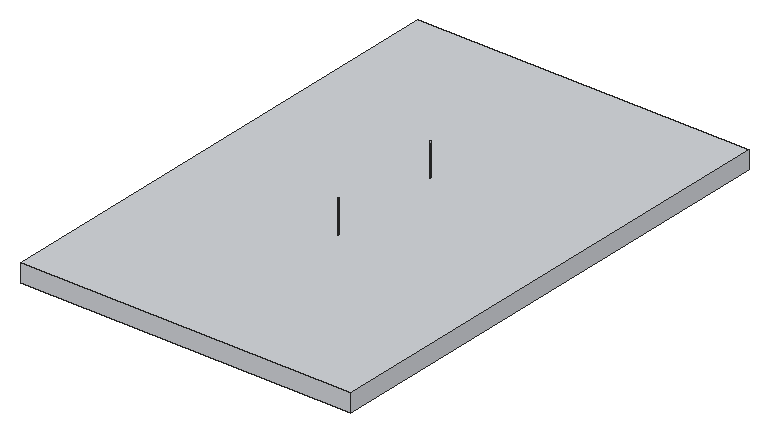
Revit family "V-LENSESxx100xxSWxx", category Leuchten, Revit 2020
Family settings
  Basisbauteil = Fläche
  Bemaßung runder Anschluss = Durchmesser verwenden
  Teiletyp = Normal
  OmniClass-Nummer = 23.80.70.11
  OmniClass-Titel = Luminaries for Internal Lighting
  Beim Laden mit Abzugskörper schneiden = Nein
  Lichtquelle = Ja
  Gemeinsam genutzt = Nein
  Raumberechnungspunkt = Nein
Parameters (values of type "V-LENSES-D100-7DASW840B0300")
  width = 113 mm  # constant formula
  weight = "2,18"
  voltage type (AC, DC, UC) = "AC"
  suspension hight [instance] = 200 mm
  rated input power = 20
  product name = "V-LENSES-D100-7DASW840B0300"
  nominal voltage = "230"
  nominal frequency = "50-60Hz"
  length = 1000 mm  # constant formula
  ingress protection (IP) code = "IP20"
  height = 83 mm  # constant formula
  electrical safety class = "1"
  control gear = ""
  conformity mark = "CE"  # constant formula
  brand = "RIDI"
  approval mark = ""
  built-in parameter 1150104 = 13.8 (stored number, unit not read)
  Wattage = 21.5427 W
  Von Breite des Rechtecks ausssenden = 766 mm  # constant formula
  Von Länge des Rechtecks aussenden = 111 mm  # constant formula
  Default Elevation = 0 mm
  built-in parameter 1150113 = 1 (stored number, unit not read)
  built-in parameter 1114218 = 1 (stored number, unit not read)
  URL = "www.ridi.de"
  built-in parameter 1150134 = 12
  built-in parameter 1150109 = 1 (stored number, unit not read)
  built-in parameter 1150110 = 1 (stored number, unit not read)
  Apparent Load = 20 VA
  Tilt Angle = 90.00°
  Modell = "1532571SW"
  built-in parameter 1114217 = 1 (stored number, unit not read)
  built-in parameter 1150139 = (empty or 0)
  built-in parameter 1150105 = 254.65 (stored number, unit not read)
  built-in parameter 1150114 = 1 (stored number, unit not read)
  Lumens = 3200 lm
  built-in parameter 1150115 = 1 (stored number, unit not read)
  built-in parameter 1150112 = 1 (stored number, unit not read)
  Lampe = "LED"
  Hersteller = "RIDI Leuchten GmbH"  # constant formula
  Dimming Lamp Color Temperature Shift = (empty or 0)
  Color Filter = 16777215
  built-in parameter 1150133 = 10 (stored number, unit not read)
  Emit Shape Visible in Rendering = no
  built-in parameter 1150137 = (empty or 0)
  built-in parameter 1150132 = 2
  Datei für fotometrisches Netz = "V-LENSES-D.IES"
  Copyright = "© RIDI. All rights reserved."  # constant formula
  built-in parameter 1150106 = 2.5465 (stored number, unit not read)
  Baugruppenkennzeichen = "D5020200"
  built-in parameter 1150107 = 4000 (stored number, unit not read)
  built-in parameter 1150102 = (empty or 0)
  built-in parameter 1150138 = (empty or 0)
Types (5, lengths in mm): name | weight | rated input power | product name | Wattage | Apparent Load | Modell | built-in parameter 1150105 | Lumens | Datei für fotometrisches Netz | built-in parameter 1150106
  (no name) | "2,18" | 20 | "V-LENSES-D100-7DASW840B0300" | 21.5427 W | 20 VA | "1532571SW" | 254.65 (stored number, unit not read) | 3200 lm | "V-LENSES-D.IES" | 2.5465 (stored number, unit not read)
  V-LENSES-D100-5RFSW840B0300 | "2,18" | 20 | "V-LENSES-D100-5RFSW840B0300" | 21.5427 W | 20 VA | "1522572SW" | 254.65 (stored number, unit not read) | 3200 lm | "V-LENSES-D.IES" | 2.5465 (stored number, unit not read)
  V-LENSES-D100-7DASW840B0300 | "2,18" | 20 | "V-LENSES-D100-7DASW840B0300" | 21.5427 W | 20 VA | "1532571SW" | 254.65 (stored number, unit not read) | 3200 lm | "V-LENSES-D.IES" | 2.5465 (stored number, unit not read)
  V-LENSES-DI100-7DASW840B0450 | "2,3" | 27 | "V-LENSES-DI100-7DASW840B0450" | 28.948 W | 27 VA | "1532574SW" | 2346.5 (stored number, unit not read) | 4300 lm | "V-LENSES-DI.IES" | 23.465 (stored number, unit not read)
  V-LENSES-DI100-5RFSW840B0450 | "2,3" | 28 | "V-LENSES-DI100-5RFSW840B0450" | 28.948 W | 28 VA | "1522573SW" | 2346.5 (stored number, unit not read) | 4300 lm | "V-LENSES-DI.IES" | 23.465 (stored number, unit not read)
Reference planes
  plane 1 "Mitte (Vorne/hinten)": y = 0
  plane 2: z = 0
  plane 3 "Mitte (Links/rechts)": x = 0
  plane 4: z = 200
Forms (mm)
  Extrusion 1, solid
    sketch origin (219.2, 280.8, 0) x (1, 0, 0) y (0, 1, 0)
      loop
        line (-1219.2, 1219.2) -> (-1219.2, -1780.8) -> (780.8, -1780.8) -> (780.8, 1219.2) -> (-1219.2, 1219.2)
    from 0 to -107.307
  Extrusion 2, solid
    sketch origin (0, 0, 0) x (1, 0, 0) y (0, 1, 0)
      loop
        circle (0, 350) r 2
      loop
        circle (0, -350) r 2
    from 0 to 200
Dimensions and locks
  "suspension hight": plane 4 to Extrusion 1
  plane 1 "Mitte (Vorne/hinten)" to Extrusion 2 sketch curve = 350 mm
  locked: Extrusion 2 sketch curve to plane 1 "Mitte (Vorne/hinten)" at 350
  locked: imposter light to plane 4 at 82.209
  aligned and locked: plane 2 to Extrusion 1
  aligned and locked: import instance to plane 4
  aligned and locked: plane 4 to Extrusion 2
Automatic sketch dimensions
  Extrusion 1 sketch curve to Extrusion 1 sketch curve = 2000 mm
  Extrusion 1 sketch curve to Extrusion 1 sketch curve = 3000 mm
  Extrusion 2 sketch curve to plane 3 "Mitte (Links/rechts)" = 0 mm  (x2)
  radius of Extrusion 2 sketch curve = 2 mm  (x2)
Connectors
  electrical at (0, -350, 200), driven by "Apparent Load"
    settings: on Extrusion 2, index 1, voltage 230 V, apparent load 0 VA, apparent load phase1 20 VA, apparent load phase2 0 VA, apparent load phase3 0 VA, power factor 1, load classification "Lighting", number of poles 1, system type 31, power factor state 1, is connector primary yes, connector utility no, sub classification motor no, connector description ""
